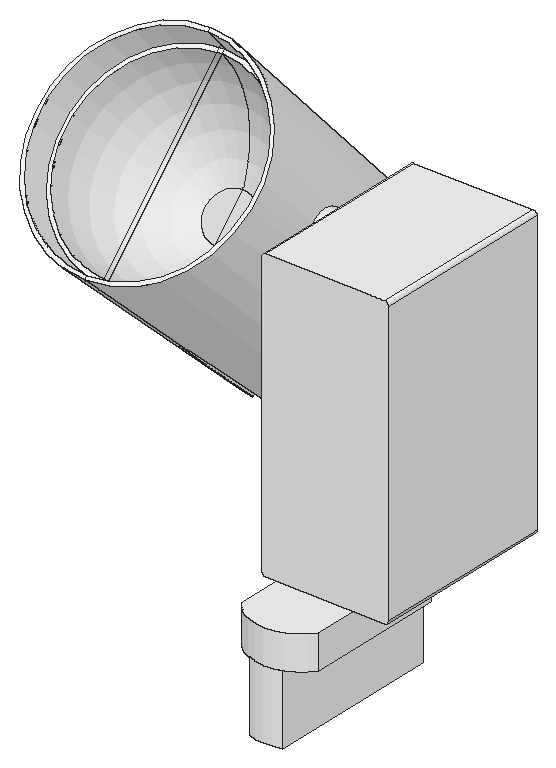
Revit family "0004875 Feilo Sylvania Lighting Fixture START TRACK SPOT S 24W 4K RA90 MB WHITE", category Lighting Fixtures, host Face, Revit 2017
Family settings
  Host = Face
  Round Connector Dimension = Use Diameter
  Part Type = Normal
  OmniClass Number = 23.80.70.00
  OmniClass Title = Lighting
  Cut with Voids When Loaded = No
  Light Source = No
  Shared = No
  Room Calculation Point = No
Parameters (values of type "0004875 START TRACK SPOT S 24W 4K RA90 MB WHITE")
  Weight = "0.966 kg"
  Wattage Comments = ""
  WarrantyStartDate [instance] = "n/a"
  WarrantyGuarantorParts = "n/a"
  WarrantyDurationUnit = "n/a"
  WarrantyDurationParts = "n/a"
  WarrantyDescription = "n/a"
  Voltage = 230 V
  URL = "http://www.sylvania-lighting.com"
  TypeName = "START TRACK SPOT S 24W 4K RA90 MB WHITE"
  TypeHead_FEILO = Start Track Spot Head : 0004875 START TRACK SPOT S 24W 4K RA90 MB WHITE
  TypeBox_FEILO = Start Track Spot Box : Type Small White
  Type Image = <None>
  Type Comments = "n/a"
  VerticalRotation_FEILO [instance] = 0.00°
  SlideEndAngle_FEILO [instance] = VerticalRotation_FEILO + 180.00°  # 180.00°
  SerialNumber [instance] = "n/a"
  Material_3_FEILO = none
  PowerFactor = 0.95
  PowerConsumption = "24 W"
  NominalLength = 0 mm
  NominalHeight = 200 mm
  NominalDepth = 140 mm
  Name = "START TRACK SPOT S 24W 4K RA90 MB WHITE"
  ModelReference = Name  # "START TRACK SPOT S 24W 4K RA90 MB WHITE"
  ModelNumber = "0004875"
  Model = Name  # "START TRACK SPOT S 24W 4K RA90 MB WHITE"
  Material = "adc12 aluminium housing, polycarbonate diffuser"
  ManufacturerName = "Feilo Sylvania"
  Manufacturer = "Feilo Sylvania"
  LuminousEfficacy = "89 lm/W"
  LuminaireType = ""
  LightOutputRatio = "100"
  LampsType = Lamp  # "LED"
  LampNominalLuminous = "2141 lm"
  LampMacAdamStep = "3"
  LampColourTemperature = "4000 K"
  LampColourRenderingIndex = "90"
  Lamp = "LED"
  Keynote = "16500"
  InstallationDate [instance] = "n/a"
  InputVoltage = "230-240V~"
  InputNominalFrequency = "50/60 Hz"
  IngressProtection = "IP20"
  ImpactProtectionIndex = "IK02"
  IfcExportType = "IfcLightFixtureType"
  IfcExportAs = "IfcLightFixtureType"
  HorizontalRotation_FEILO [instance] = 45.00°
  ExpectedLife = 50000
  ElectricShockClassification = "Class II"
  DurationUnit = "hours"
  DocumentationLiterature = "http://www.sylvania-lighting.com/product/en-int/products/0004875"
  DimmingControlOptions = "Non dimmable"
  Material_2_FEILO = none
  Description = "Integrated LED spotlight, Textured White - RAL9016, compact and minimalist design, ideal for retail applications, die-cast aluminium body, passive cooling heatsink. Beam angle: 36°, color temperature: 4000K , total system power: 24W, total fixture output: 2141 lm, LOR: 100%, colour rendering: Ra: 90 typical, LED Chromaticity: 3 step MacAdam ellipse, lifetime: >50000 hours at L70B50, energy class: A++, A+, A, IR/UV free light source without heat radiation, operating voltage: 220-240V / 50-60Hz, drive current: 600mA, electronic driver, non-dimmable, power factor: 0.95, electrical protection: Class II, Global Track 3 Phase adapter suitable for Global trac 3-circuit tracks, ingress protection rating: IP20, suitable for internal environment only, horizontal rotation: 355°, vertical tilt: 90°, dimensions: Ø86x140x200, weight: 0.966kg."
  Default Elevation = 1219.2 mm
  CreatedOn = "12/12/2017"
  CreatedBy = ""
  Cost = 0
  built-in parameter 1114216 [instance] = (empty or 0)
  ClassificationValue = "EF_70_80"
  ClassificationName = "Uniclass2015"
  Material_1_FEILO = Body-Sylvania-StartTrackSpot-White
  BarCode [instance] = "n/a"
  AssetType = "Fixed"
  AssetIdentifier [instance] = "n/a"
  Assembly Code = "D5020200"
  Apparent Load = 24 VA
  Material_4_FEILO = none
Reference planes
  plane 1 "Center (Front/Back)": y = 0
  plane 2: z = 0
  plane 3 "Center (Left/Right)": x = 0
  plane 4: x = 15
  plane 5: x = -15
  plane 6: y = 35
  plane 7: y = -35
  plane 8: z = 13
  plane 9: z = -27
  plane 10: x = 6.5
  plane 11: x = -6.5
  plane 12: y = 27
  plane 13: y = -27
  plane 14: y = 20
Forms (mm)
  Extrusion 1, solid, material "Body-Sylvania-StartTrackSpot-White" <- "Material_1_FEILO"
    sketch origin (0, 0, 0) x (1, 0, 0) y (0, 1, 0)
      loop
        line (-15, 27) -> (-15, -27)
        arc (-15, -27) -> (0, -35) -> (15, -27) r 18.062
        line (15, -27) -> (15, 27)
        arc (15, 27) -> (0, 35) -> (-15, 27) r 18.062
    from 0 to 13
  Extrusion 2, solid, material "Body-Sylvania-StartTrackSpot-White" <- "Material_1_FEILO"
    sketch origin (0, 0, 0) x (1, 0, 0) y (0, 1, 0)
      loop
        arc (6.5, 33.79) -> (0, 35) -> (-6.5, 33.79) r 18.062
        line (-6.5, 33.79) -> (-6.5, -33.79)
        arc (-6.5, -33.79) -> (0, -35) -> (6.5, -33.79) r 18.062
        line (6.5, -33.79) -> (6.5, 33.79)
    from 0 to -27
  Revolve 3, solid, not visible
    sketch origin (1524, 20, 1219.2) x (1, 0, 0) y (0, 0, 1)
      loop
        line (-1524, -1206.2) -> (-1524, -1191.285) -> (-1530.5, -1191.285) -> (-1530.5, -1206.2) -> (-1524, -1206.2)
      axis (-1524, -1191.285) -> (-1524, -1206.2)
    angle from 0 <- "VerticalRotation_FEILO" to 180 <- "SlideEndAngle_FEILO"
Cuts and joins
  joined: Extrusion 1, Extrusion 2
Dimensions and locks
  equal spacing: plane 10, plane 3 "Center (Left/Right)", plane 11
  equal spacing: plane 4, plane 3 "Center (Left/Right)", plane 5
  locked: plane 8 to plane 2 at 13
  locked: plane 8 to plane 9 at 40
  equal spacing: plane 13, plane 1 "Center (Front/Back)", plane 12
  locked: plane 12 to plane 6 at 8
  locked: plane 14 to plane 6 at 15
  locked: Revolve 3 sketch curve to plane 8 at 14.915
  aligned and locked: plane 2 to host face
  aligned and locked: level to host face
  aligned and locked: plane 5 to Extrusion 1 sketch curve  (x2)
  aligned and locked: plane 12 to Extrusion 1 sketch curve
  aligned and locked: plane 13 to Extrusion 1 sketch curve
  aligned and locked: plane 4 to Extrusion 1 sketch curve
  aligned and locked: Extrusion 1 to plane 8
  aligned and locked: Extrusion 1 to level
  aligned and locked: Extrusion 2 sketch curve to Extrusion 1  (x2)
  aligned and locked: Extrusion 2 sketch curve to plane 11
  aligned and locked: plane 10 to Extrusion 2 sketch curve
  aligned and locked: plane 9 to Extrusion 2
  aligned and locked: level to Extrusion 2
  aligned and locked: Revolve 3 sketch curve to plane 3 "Center (Left/Right)"  (x2)
  aligned and locked: plane 11 to Revolve 3 sketch curve
  aligned and locked: Revolve 3 sketch curve to plane 8
Automatic sketch dimensions
  host sketch curve to host sketch curve = 2438.4 mm  (x2)
  Extrusion 1 sketch curve to plane 3 "Center (Left/Right)" = 0 mm  (x2)
  Extrusion 1 sketch curve to plane 13 = 10.062 mm
  plane 12 to Extrusion 1 sketch curve = 10.062 mm
  Revolve 3 sketch curve to plane 3 "Center (Left/Right)" = 0 mm
  plane 9 to Revolve 3 sketch curve = 582.6 mm
  Revolve 3 sketch curve to Revolve 3 sketch curve = 2581.144 mm
Nested families
  nested 1: "Start Track Spot Head" at (-62, 20, 112.529) x (0, 0.7071, 0.7071) z (0, 0.7071, -0.7071), type <- "TypeHead_FEILO", type "0004875 START TRACK SPOT S 24W 4K RA90 MB WHITE"
    with built-in parameter 1114216 (empty or 0)
  nested 2: "Start Track Spot Box" at (8.5, 20, 73) x (-1, 0, 0) z (0, -1, 0), BoxStartAngle_FEILO <- "HorizontalRotation_FEILO", type <- "TypeBox_FEILO", type "Type Small White"
    with BoxStartAngle_FEILO 45.00°, BoxEndAngle_FEILO -135.00°
Connectors
  electrical at (0, 0, 0), driven by "Apparent Load", driven by "PowerFactor", driven by "Voltage"
    settings: index 1, voltage 230 V, apparent load 24 VA, apparent load phase1 0 VA, apparent load phase2 0 VA, apparent load phase3 0 VA, power factor 0.95, load classification "Lighting", number of poles 1, system type 30, power factor state 1, is connector primary yes, connector utility no, sub classification motor no, connector description ""
Definition of nested family "Start Track Spot Head"
  Parameters (values of type "0004811 START TRACK SPOT S 14W 3K RA80 NB WHITE")
    Wattage Comments = "n/a"
    Wattage = 14 W
    built-in parameter 1150110 = 1 (stored number, unit not read)
    URL = "http://www.feilosylvania.com"
    Type Image = (empty or 0)
    Type Comments = "n/a"
    built-in parameter 1114217 = 1 (stored number, unit not read)
    Tilt Angle = -90.00°
    built-in parameter 1150109 = 1 (stored number, unit not read)
    built-in parameter 1150134 = (empty or 0)
    built-in parameter 1150113 = 1 (stored number, unit not read)
    Photometric Web File = "0004811.ies"
    Material_3_FEILO = none
    Model = "START TRACK SPOT S 14W 3K RA80 NB WHITE"
    Manufacturer = "Feilo Sylvania"
    built-in parameter 1150105 = 123.66 (stored number, unit not read)
    Lumens = 1554 lm
    built-in parameter 1150115 = 1 (stored number, unit not read)
    built-in parameter 1150137 = (empty or 0)
    built-in parameter 1150139 = (empty or 0)
    built-in parameter 1150112 = 1 (stored number, unit not read)
    built-in parameter 1150114 = 1 (stored number, unit not read)
    Lamp = "LED"
    Keynote = "16500"
    Material_2_FEILO = none
    built-in parameter 1150132 = (empty or 0)
    built-in parameter 1150102 = (empty or 0)
    built-in parameter 1150107 = 3000 (stored number, unit not read)
    built-in parameter 1150138 = (empty or 0)
    built-in parameter 1150106 = 1.2366 (stored number, unit not read)
    HeadThickness_FEILO = if(HeadDiaOut_FEILO > 112 mm, 2 mm, 1.5 mm)  # 1.5 mm
    HeadRibOffset_FEILO = HeadHeight_FEILO / 28  # 4.179 mm
    HeadRibDepth_FEILO = HeadHeight_FEILO / 2.1  # 55.714 mm
    HeadRibCutWidth_FEILO = HeadDiaOut_FEILO / 12  # 7.167 mm
    HeadRibCutOffset_FEILO = HeadHeight_FEILO / 2.3  # 50.87 mm
    HeadReflectorRadius_FEILO = HeadDiaOut_FEILO / 1.7  # 50.588 mm
    HeadReflectorOffset_FEILO = HeadHeight_FEILO / 2.1  # 55.714 mm
    HeadLEDRadius_FEILO = HeadDiaOut_FEILO / 9  # 9.556 mm
    HeadHeight_FEILO = 117 mm
    HeadDraft_FEILO = 1 mm
    HeadDiffusorThickness_FEILO = 3 mm
    HeadDiffusorOffset_FEILO = HeadHeight_FEILO / 12.4  # 9.435 mm
    HeadDiaOut_FEILO = 86 mm
    HeadDiaIn_FEILO = HeadDiaOut_FEILO / 1.11  # 77.477 mm
    HeadAxisFromTop_FEILO = HeadHeight_FEILO / 1.687  # 69.354 mm
    Emit from Circle Diameter = HeadDiaIn_FEILO  # 77.477 mm
    Emit Shape Visible in Rendering = no
    built-in parameter 1150104 = 10.312 (stored number, unit not read)
    Dimming Lamp Color Temperature Shift = (empty or 0)
    Description = "Integrated LED spotlight, Textured White - RAL9016, compact and minimalist design, ideal for retail applications, die-cast aluminium body, passive cooling heatsink. Beam angle: 12°, color temperature: 3000K , total system power: 14W, total fixture output: 1551 lm, LOR: 100%, colour rendering: Ra: 80 typical, LED Chromaticity: 3 step MacAdam ellipse, lifetime: >50000 hours at L70B50, energy class: A++, A+, A, IR/UV free light source without heat radiation, operating voltage: 220-240V / 50-60Hz, drive current: 350mA, electronic driver, non-dimmable, power factor: 0.92, electrical protection: Class II, Global Track 3 Phase adapter suitable for Global trac 3-circuit tracks, ingress protection rating: IP20, suitable for internal environment only, horizontal rotation: 355°, vertical tilt: 90°, dimensions: Ø86x140x200, weight: 0.940kg."
    Default Elevation = 1219.2 mm
    Cost = 0
    Color Filter = 16777215
    built-in parameter 1114216 [instance] = (empty or 0)
    Material_1_FEILO = none
    built-in parameter 1114218 = 1 (stored number, unit not read)
    built-in parameter 1150133 = 10 (stored number, unit not read)
    Assembly Code = "D5020200"
    Apparent Load = 14 VA
    Material_4_FEILO = none
  Types (96, lengths in mm): name | Wattage | built-in parameter 1150134 | Photometric Web File | Model | built-in parameter 1150105 | Lumens | built-in parameter 1150107 | built-in parameter 1150106 | HeadThickness_FEILO | HeadRibOffset_FEILO | HeadRibDepth_FEILO | HeadRibCutWidth_FEILO | HeadRibCutOffset_FEILO | HeadReflectorRadius_FEILO | HeadReflectorOffset_FEILO | HeadLEDRadius_FEILO | HeadHeight_FEILO | HeadDiffusorOffset_FEILO | HeadDiaOut_FEILO | HeadDiaIn_FEILO | HeadAxisFromTop_FEILO | Emit from Circle Diameter | built-in parameter 1150104 | Description | Apparent Load
    0004906 START TRACK SPOT L 55W 4K RA90 WB BLACK | 55 W | 12 | "0004906.ies" | "START TRACK SPOT L 55W 4K RA90 WB BLACK" | 385.15 (stored number, unit not read) | 4840 lm | 4000 (stored number, unit not read) | 3.8515 (stored number, unit not read) | 2 | 4.429 | 59.048 | 9.417 | 53.913 | 66.471 | 59.048 | 12.556 | 124 | 10 | 113 | 101.802 | 73.503 | 101.802 | 8.1755 (stored number, unit not read) | "Integrated LED spotlight, Textured Black - RAL9005, compact and minimalist design, ideal for retail applications, die-cast aluminium body, passive cooling heatsink. Beam angle: 52°, color temperature: 4000K , total system power: 55W, total fixture output: 4824 lm, LOR: 100%, colour rendering: Ra: 90 typical, LED Chromaticity: 3 step MacAdam ellipse, lifetime: >50000 hours at L70B50, energy class: A++, A+, A, IR/UV free light source without heat radiation, operating voltage: 220-240V / 50-60Hz, drive current: 1400mA, electronic driver, non-dimmable, power factor: 0.96, electrical protection: Class II, Global Track 3 Phase adapter suitable for Global trac 3-circuit tracks, ingress protection rating: IP20, suitable for internal environment only, horizontal rotation: 355°, vertical tilt: 90°, dimensions: Ø113x164x240, weight: 1.398kg." | 55 VA
    0004905 START TRACK SPOT L 55W 4K RA90 MB BLACK | 55 W | 12 | "0004905.ies" | "START TRACK SPOT L 55W 4K RA90 MB BLACK" | 389.53 (stored number, unit not read) | 4895 lm | 4000 (stored number, unit not read) | 3.8953 (stored number, unit not read) | 2 | 4.429 | 59.048 | 9.417 | 53.913 | 66.471 | 59.048 | 12.556 | 124 | 10 | 113 | 101.802 | 73.503 | 101.802 | 8.2684 (stored number, unit not read) | "Integrated LED spotlight, Textured Black - RAL9005, compact and minimalist design, ideal for retail applications, die-cast aluminium body, passive cooling heatsink. Beam angle: 38°, color temperature: 4000K , total system power: 55W, total fixture output: 4897 lm, LOR: 100%, colour rendering: Ra: 90 typical, LED Chromaticity: 3 step MacAdam ellipse, lifetime: >50000 hours at L70B50, energy class: A++, A+, A, IR/UV free light source without heat radiation, operating voltage: 220-240V / 50-60Hz, drive current: 1400mA, electronic driver, non-dimmable, power factor: 0.96, electrical protection: Class II, Global Track 3 Phase adapter suitable for Global trac 3-circuit tracks, ingress protection rating: IP20, suitable for internal environment only, horizontal rotation: 355°, vertical tilt: 90°, dimensions: Ø113x164x240, weight: 1.398kg." | 55 VA
    0004904 START TRACK SPOT L 55W 4K RA90 NB BLACK | 55 W | 12 | "0004904.ies" | "START TRACK SPOT L 55W 4K RA90 NB BLACK" | 393.91 (stored number, unit not read) | 4950 lm | 4000 (stored number, unit not read) | 3.9391 (stored number, unit not read) | 2 | 4.429 | 59.048 | 9.417 | 53.913 | 66.471 | 59.048 | 12.556 | 124 | 10 | 113 | 101.802 | 73.503 | 101.802 | 8.3613 (stored number, unit not read) | "Integrated LED spotlight, Textured Black - RAL9005, compact and minimalist design, ideal for retail applications, die-cast aluminium body, passive cooling heatsink. Beam angle: 15°, color temperature: 4000K , total system power: 55W, total fixture output: 4965 lm, LOR: 100%, colour rendering: Ra: 90 typical, LED Chromaticity: 3 step MacAdam ellipse, lifetime: >50000 hours at L70B50, energy class: A++, A+, A, IR/UV free light source without heat radiation, operating voltage: 220-240V / 50-60Hz, drive current: 1400mA, electronic driver, non-dimmable, power factor: 0.96, electrical protection: Class II, Global Track 3 Phase adapter suitable for Global trac 3-circuit tracks, ingress protection rating: IP20, suitable for internal environment only, horizontal rotation: 355°, vertical tilt: 90°, dimensions: Ø113x164x240, weight: 1.398kg." | 55 VA
    0004903 START TRACK SPOT L 35W 4K RA90 WB BLACK | 35 W | 12 | "0004903.ies" | "START TRACK SPOT L 35W 4K RA90 WB BLACK" | 284.09 (stored number, unit not read) | 3570 lm | 4000 (stored number, unit not read) | 2.8409 (stored number, unit not read) | 2 | 4.429 | 59.048 | 9.417 | 53.913 | 66.471 | 59.048 | 12.556 | 124 | 10 | 113 | 101.802 | 73.503 | 101.802 | 9.4761 (stored number, unit not read) | "Integrated LED spotlight, Textured Black - RAL9005, compact and minimalist design, ideal for retail applications, die-cast aluminium body, passive cooling heatsink. Beam angle: 52°, color temperature: 4000K , total system power: 35W, total fixture output: 3562 lm, LOR: 100%, colour rendering: Ra: 90 typical, LED Chromaticity: 3 step MacAdam ellipse, lifetime: >50000 hours at L70B50, energy class: A++, A+, A, IR/UV free light source without heat radiation, operating voltage: 220-240V / 50-60Hz, drive current: 900mA, electronic driver, non-dimmable, power factor: 0.93, electrical protection: Class II, Global Track 3 Phase adapter suitable for Global trac 3-circuit tracks, ingress protection rating: IP20, suitable for internal environment only, horizontal rotation: 355°, vertical tilt: 90°, dimensions: Ø113x164x240, weight: 1.368kg." | 35 VA
    0004902 START TRACK SPOT L 35W 4K RA90 MB BLACK | 35 W | 12 | "0004902.ies" | "START TRACK SPOT L 35W 4K RA90 MB BLACK" | 286.88 (stored number, unit not read) | 3605 lm | 4000 (stored number, unit not read) | 2.8688 (stored number, unit not read) | 2 | 4.429 | 59.048 | 9.417 | 53.913 | 66.471 | 59.048 | 12.556 | 124 | 10 | 113 | 101.802 | 73.503 | 101.802 | 9.569 (stored number, unit not read) | "Integrated LED spotlight, Textured Black - RAL9005, compact and minimalist design, ideal for retail applications, die-cast aluminium body, passive cooling heatsink. Beam angle: 38°, color temperature: 4000K , total system power: 35W, total fixture output: 3616 lm, LOR: 100%, colour rendering: Ra: 90 typical, LED Chromaticity: 3 step MacAdam ellipse, lifetime: >50000 hours at L70B50, energy class: A++, A+, A, IR/UV free light source without heat radiation, operating voltage: 220-240V / 50-60Hz, drive current: 900mA, electronic driver, non-dimmable, power factor: 0.93, electrical protection: Class II, Global Track 3 Phase adapter suitable for Global trac 3-circuit tracks, ingress protection rating: IP20, suitable for internal environment only, horizontal rotation: 355°, vertical tilt: 90°, dimensions: Ø113x164x240, weight: 1.368kg." | 35 VA
    0004901 START TRACK SPOT L 35W 4K RA90 NB BLACK | 35 W | 12 | "0004901.ies" | "START TRACK SPOT L 35W 4K RA90 NB BLACK" | 286.88 (stored number, unit not read) | 3605 lm | 4000 (stored number, unit not read) | 2.8688 (stored number, unit not read) | 2 | 4.429 | 59.048 | 9.417 | 53.913 | 66.471 | 59.048 | 12.556 | 124 | 10 | 113 | 101.802 | 73.503 | 101.802 | 9.569 (stored number, unit not read) | "Integrated LED spotlight, Textured Black - RAL9005, compact and minimalist design, ideal for retail applications, die-cast aluminium body, passive cooling heatsink. Beam angle: 15°, color temperature: 4000K , total system power: 35W, total fixture output: 3593 lm, LOR: 100%, colour rendering: Ra: 90 typical, LED Chromaticity: 3 step MacAdam ellipse, lifetime: >50000 hours at L70B50, energy class: A++, A+, A, IR/UV free light source without heat radiation, operating voltage: 220-240V / 50-60Hz, drive current: 900mA, electronic driver, non-dimmable, power factor: 0.93, electrical protection: Class II, Global Track 3 Phase adapter suitable for Global trac 3-circuit tracks, ingress protection rating: IP20, suitable for internal environment only, horizontal rotation: 355°, vertical tilt: 90°, dimensions: Ø113x164x240, weight: 1.368kg." | 35 VA
    0004900 START TRACK SPOT S 24W 4K RA90 WB BLACK | 24 W | 12 | "0004900.ies" | "START TRACK SPOT S 24W 4K RA90 WB BLACK" | 166.16 (stored number, unit not read) | 2088 lm | 4000 (stored number, unit not read) | 1.6616 (stored number, unit not read) | 1.5 | 4.179 | 55.714 | 7.167 | 50.87 | 50.588 | 55.714 | 9.556 | 117 | 9.435 | 86 | 77.477 | 69.354 | 77.477 | 8.0826 (stored number, unit not read) | "Integrated LED spotlight, Textured Black - RAL9005, compact and minimalist design, ideal for retail applications, die-cast aluminium body, passive cooling heatsink. Beam angle: 64°, color temperature: 4000K , total system power: 24W, total fixture output: 2087 lm, LOR: 100%, colour rendering: Ra: 90 typical, LED Chromaticity: 3 step MacAdam ellipse, lifetime: >50000 hours at L70B50, energy class: A++, A+, A, IR/UV free light source without heat radiation, operating voltage: 220-240V / 50-60Hz, drive current: 600mA, electronic driver, non-dimmable, power factor: 0.95, electrical protection: Class II, Global Track 3 Phase adapter suitable for Global trac 3-circuit tracks, ingress protection rating: IP20, suitable for internal environment only, horizontal rotation: 355°, vertical tilt: 90°, dimensions: Ø86x140x200, weight: 0.966kg." | 24 VA
    0004899 START TRACK SPOT S 24W 4K RA90 MB BLACK | 24 W | 12 | "0004899.ies" | "START TRACK SPOT S 24W 4K RA90 MB BLACK" | 169.98 (stored number, unit not read) | 2136 lm | 4000 (stored number, unit not read) | 1.6998 (stored number, unit not read) | 1.5 | 4.179 | 55.714 | 7.167 | 50.87 | 50.588 | 55.714 | 9.556 | 117 | 9.435 | 86 | 77.477 | 69.354 | 77.477 | 8.2684 (stored number, unit not read) | "Integrated LED spotlight, Textured Black - RAL9005, compact and minimalist design, ideal for retail applications, die-cast aluminium body, passive cooling heatsink. Beam angle: 36°, color temperature: 4000K , total system power: 24W, total fixture output: 2141 lm, LOR: 100%, colour rendering: Ra: 90 typical, LED Chromaticity: 3 step MacAdam ellipse, lifetime: >50000 hours at L70B50, energy class: A++, A+, A, IR/UV free light source without heat radiation, operating voltage: 220-240V / 50-60Hz, drive current: 600mA, electronic driver, non-dimmable, power factor: 0.95, electrical protection: Class II, Global Track 3 Phase adapter suitable for Global trac 3-circuit tracks, ingress protection rating: IP20, suitable for internal environment only, horizontal rotation: 355°, vertical tilt: 90°, dimensions: Ø86x140x200, weight: 0.966kg." | 24 VA
    0004898 START TRACK SPOT S 24W 4K RA90 NB BLACK | 24 W | 12 | "0004898.ies" | "START TRACK SPOT S 24W 4K RA90 NB BLACK" | 171.89 (stored number, unit not read) | 2160 lm | 4000 (stored number, unit not read) | 1.7189 (stored number, unit not read) | 1.5 | 4.179 | 55.714 | 7.167 | 50.87 | 50.588 | 55.714 | 9.556 | 117 | 9.435 | 86 | 77.477 | 69.354 | 77.477 | 8.3613 (stored number, unit not read) | "Integrated LED spotlight, Textured Black - RAL9005, compact and minimalist design, ideal for retail applications, die-cast aluminium body, passive cooling heatsink. Beam angle: 12°, color temperature: 4000K , total system power: 24W, total fixture output: 2155 lm, LOR: 100%, colour rendering: Ra: 90 typical, LED Chromaticity: 3 step MacAdam ellipse, lifetime: >50000 hours at L70B50, energy class: A++, A+, A, IR/UV free light source without heat radiation, operating voltage: 220-240V / 50-60Hz, drive current: 600mA, electronic driver, non-dimmable, power factor: 0.95, electrical protection: Class II, Global Track 3 Phase adapter suitable for Global trac 3-circuit tracks, ingress protection rating: IP20, suitable for internal environment only, horizontal rotation: 355°, vertical tilt: 90°, dimensions: Ø86x140x200, weight: 0.966kg." | 24 VA
    0004897 START TRACK SPOT S 14W 4K RA90 WB BLACK | 14 W | 12 | "0004897.ies" | "START TRACK SPOT S 14W 4K RA90 WB BLACK" | 108.07 (stored number, unit not read) | 1358 lm | 4000 (stored number, unit not read) | 1.0807 (stored number, unit not read) | 1.5 | 4.179 | 55.714 | 7.167 | 50.87 | 50.588 | 55.714 | 9.556 | 117 | 9.435 | 86 | 77.477 | 69.354 | 77.477 | 9.0116 (stored number, unit not read) | "Integrated LED spotlight, Textured Black - RAL9005, compact and minimalist design, ideal for retail applications, die-cast aluminium body, passive cooling heatsink. Beam angle: 64°, color temperature: 4000K , total system power: 14W, total fixture output: 1352 lm, LOR: 100%, colour rendering: Ra: 90 typical, LED Chromaticity: 3 step MacAdam ellipse, lifetime: >50000 hours at L70B50, energy class: A++, A+, A, IR/UV free light source without heat radiation, operating voltage: 220-240V / 50-60Hz, drive current: 350mA, electronic driver, non-dimmable, power factor: 0.92, electrical protection: Class II, Global Track 3 Phase adapter suitable for Global trac 3-circuit tracks, ingress protection rating: IP20, suitable for internal environment only, horizontal rotation: 355°, vertical tilt: 90°, dimensions: Ø86x140x200, weight: 0.940kg." | 14 VA
    0004896 START TRACK SPOT S 14W 4K RA90 MB BLACK | 14 W | 12 | "0004896.ies" | "START TRACK SPOT S 14W 4K RA90 MB BLACK" | 108.07 (stored number, unit not read) | 1358 lm | 4000 (stored number, unit not read) | 1.0807 (stored number, unit not read) | 1.5 | 4.179 | 55.714 | 7.167 | 50.87 | 50.588 | 55.714 | 9.556 | 117 | 9.435 | 86 | 77.477 | 69.354 | 77.477 | 9.0116 (stored number, unit not read) | "Integrated LED spotlight, Textured Black - RAL9005, compact and minimalist design, ideal for retail applications, die-cast aluminium body, passive cooling heatsink. Beam angle: 36°, color temperature: 4000K , total system power: 14W, total fixture output: 1359 lm, LOR: 100%, colour rendering: Ra: 90 typical, LED Chromaticity: 3 step MacAdam ellipse, lifetime: >50000 hours at L70B50, energy class: A++, A+, A, IR/UV free light source without heat radiation, operating voltage: 220-240V / 50-60Hz, drive current: 350mA, electronic driver, non-dimmable, power factor: 0.92, electrical protection: Class II, Global Track 3 Phase adapter suitable for Global trac 3-circuit tracks, ingress protection rating: IP20, suitable for internal environment only, horizontal rotation: 355°, vertical tilt: 90°, dimensions: Ø86x140x200, weight: 0.940kg." | 14 VA
    0004895 START TRACK SPOT S 14W 4K RA90 NB BLACK | 14 W | 12 | "0004895.ies" | "START TRACK SPOT S 14W 4K RA90 NB BLACK" | 106.95 (stored number, unit not read) | 1344 lm | 4000 (stored number, unit not read) | 1.0695 (stored number, unit not read) | 1.5 | 4.179 | 55.714 | 7.167 | 50.87 | 50.588 | 55.714 | 9.556 | 117 | 9.435 | 86 | 77.477 | 69.354 | 77.477 | 8.9187 (stored number, unit not read) | "Integrated LED spotlight, Textured Black - RAL9005, compact and minimalist design, ideal for retail applications, die-cast aluminium body, passive cooling heatsink. Beam angle: 12°, color temperature: 4000K , total system power: 14W, total fixture output: 1349 lm, LOR: 100%, colour rendering: Ra: 90 typical, LED Chromaticity: 3 step MacAdam ellipse, lifetime: >50000 hours at L70B50, energy class: A++, A+, A, IR/UV free light source without heat radiation, operating voltage: 220-240V / 50-60Hz, drive current: 350mA, electronic driver, non-dimmable, power factor: 0.92, electrical protection: Class II, Global Track 3 Phase adapter suitable for Global trac 3-circuit tracks, ingress protection rating: IP20, suitable for internal environment only, horizontal rotation: 355°, vertical tilt: 90°, dimensions: Ø86x140x200, weight: 0.940kg." | 14 VA
    0004894 START TRACK SPOT L 55W 3K RA90 WB BLACK | 55 W | (empty or 0) | "0004894.ies" | "START TRACK SPOT L 55W 3K RA90 WB BLACK" | 350.14 (stored number, unit not read) | 4400 lm | 3000 (stored number, unit not read) | 3.5014 (stored number, unit not read) | 2 | 4.429 | 59.048 | 9.417 | 53.913 | 66.471 | 59.048 | 12.556 | 124 | 10 | 113 | 101.802 | 73.503 | 101.802 | 7.4322 (stored number, unit not read) | "Integrated LED spotlight, Textured Black - RAL9005, compact and minimalist design, ideal for retail applications, die-cast aluminium body, passive cooling heatsink. Beam angle: 52°, color temperature: 3000K , total system power: 55W, total fixture output: 4405 lm, LOR: 100%, colour rendering: Ra: 90 typical, LED Chromaticity: 3 step MacAdam ellipse, lifetime: >50000 hours at L70B50, energy class: A++, A+, A, IR/UV free light source without heat radiation, operating voltage: 220-240V / 50-60Hz, drive current: 1400mA, electronic driver, non-dimmable, power factor: 0.96, electrical protection: Class II, Global Track 3 Phase adapter suitable for Global trac 3-circuit tracks, ingress protection rating: IP20, suitable for internal environment only, horizontal rotation: 355°, vertical tilt: 90°, dimensions: Ø113x164x240, weight: 1.398kg." | 55 VA
    0004893 START TRACK SPOT L 55W 3K RA90 MB BLACK | 55 W | (empty or 0) | "0004893.ies" | "START TRACK SPOT L 55W 3K RA90 MB BLACK" | 354.52 (stored number, unit not read) | 4455 lm | 3000 (stored number, unit not read) | 3.5452 (stored number, unit not read) | 2 | 4.429 | 59.048 | 9.417 | 53.913 | 66.471 | 59.048 | 12.556 | 124 | 10 | 113 | 101.802 | 73.503 | 101.802 | 7.5251 (stored number, unit not read) | "Integrated LED spotlight, Textured Black - RAL9005, compact and minimalist design, ideal for retail applications, die-cast aluminium body, passive cooling heatsink. Beam angle: 38°, color temperature: 3000K , total system power: 55W, total fixture output: 4448 lm, LOR: 100%, colour rendering: Ra: 90 typical, LED Chromaticity: 3 step MacAdam ellipse, lifetime: >50000 hours at L70B50, energy class: A++, A+, A, IR/UV free light source without heat radiation, operating voltage: 220-240V / 50-60Hz, drive current: 1400mA, electronic driver, non-dimmable, power factor: 0.96, electrical protection: Class II, Global Track 3 Phase adapter suitable for Global trac 3-circuit tracks, ingress protection rating: IP20, suitable for internal environment only, horizontal rotation: 355°, vertical tilt: 90°, dimensions: Ø113x164x240, weight: 1.398kg." | 55 VA
    0004892 START TRACK SPOT L 55W 3K RA90 NB BLACK | 55 W | (empty or 0) | "0004892.ies" | "START TRACK SPOT L 55W 3K RA90 NB BLACK" | 350.14 (stored number, unit not read) | 4400 lm | 3000 (stored number, unit not read) | 3.5014 (stored number, unit not read) | 2 | 4.429 | 59.048 | 9.417 | 53.913 | 66.471 | 59.048 | 12.556 | 124 | 10 | 113 | 101.802 | 73.503 | 101.802 | 7.4322 (stored number, unit not read) | "Integrated LED spotlight, Textured Black - RAL9005, compact and minimalist design, ideal for retail applications, die-cast aluminium body, passive cooling heatsink. Beam angle: 15°, color temperature: 3000K , total system power: 55W, total fixture output: 4416 lm, LOR: 100%, colour rendering: Ra: 90 typical, LED Chromaticity: 3 step MacAdam ellipse, lifetime: >50000 hours at L70B50, energy class: A++, A+, A, IR/UV free light source without heat radiation, operating voltage: 220-240V / 50-60Hz, drive current: 1400mA, electronic driver, non-dimmable, power factor: 0.96, electrical protection: Class II, Global Track 3 Phase adapter suitable for Global trac 3-circuit tracks, ingress protection rating: IP20, suitable for internal environment only, horizontal rotation: 355°, vertical tilt: 90°, dimensions: Ø113x164x240, weight: 1.398kg." | 55 VA
    0004891 START TRACK SPOT L 35W 3K RA90 WB BLACK | 35 W | (empty or 0) | "0004891.ies" | "START TRACK SPOT L 35W 3K RA90 WB BLACK" | 259.02 (stored number, unit not read) | 3255 lm | 3000 (stored number, unit not read) | 2.5902 (stored number, unit not read) | 2 | 4.429 | 59.048 | 9.417 | 53.913 | 66.471 | 59.048 | 12.556 | 124 | 10 | 113 | 101.802 | 73.503 | 101.802 | 8.64 (stored number, unit not read) | "Integrated LED spotlight, Textured Black - RAL9005, compact and minimalist design, ideal for retail applications, die-cast aluminium body, passive cooling heatsink. Beam angle: 52°, color temperature: 3000K , total system power: 35W, total fixture output: 3260 lm, LOR: 100%, colour rendering: Ra: 90 typical, LED Chromaticity: 3 step MacAdam ellipse, lifetime: >50000 hours at L70B50, energy class: A++, A+, A, IR/UV free light source without heat radiation, operating voltage: 220-240V / 50-60Hz, drive current: 900mA, electronic driver, non-dimmable, power factor: 0.93, electrical protection: Class II, Global Track 3 Phase adapter suitable for Global trac 3-circuit tracks, ingress protection rating: IP20, suitable for internal environment only, horizontal rotation: 355°, vertical tilt: 90°, dimensions: Ø113x164x240, weight: 1.368kg." | 35 VA
    0004890 START TRACK SPOT L 35W 3K RA90 MB BLACK | 35 W | (empty or 0) | "0004890.ies" | "START TRACK SPOT L 35W 3K RA90 MB BLACK" | 261.81 (stored number, unit not read) | 3290 lm | 3000 (stored number, unit not read) | 2.6181 (stored number, unit not read) | 2 | 4.429 | 59.048 | 9.417 | 53.913 | 66.471 | 59.048 | 12.556 | 124 | 10 | 113 | 101.802 | 73.503 | 101.802 | 8.7329 (stored number, unit not read) | "Integrated LED spotlight, Textured Black - RAL9005, compact and minimalist design, ideal for retail applications, die-cast aluminium body, passive cooling heatsink. Beam angle: 38°, color temperature: 3000K , total system power: 35W, total fixture output: 3306 lm, LOR: 100%, colour rendering: Ra: 90 typical, LED Chromaticity: 3 step MacAdam ellipse, lifetime: >50000 hours at L70B50, energy class: A++, A+, A, IR/UV free light source without heat radiation, operating voltage: 220-240V / 50-60Hz, drive current: 900mA, electronic driver, non-dimmable, power factor: 0.93, electrical protection: Class II, Global Track 3 Phase adapter suitable for Global trac 3-circuit tracks, ingress protection rating: IP20, suitable for internal environment only, horizontal rotation: 355°, vertical tilt: 90°, dimensions: Ø113x164x240, weight: 1.368kg." | 35 VA
    0004889 START TRACK SPOT L 35W 3K RA90 NB BLACK | 35 W | (empty or 0) | "0004889.ies" | "START TRACK SPOT L 35W 3K RA90 NB BLACK" | 261.81 (stored number, unit not read) | 3290 lm | 3000 (stored number, unit not read) | 2.6181 (stored number, unit not read) | 2 | 4.429 | 59.048 | 9.417 | 53.913 | 66.471 | 59.048 | 12.556 | 124 | 10 | 113 | 101.802 | 73.503 | 101.802 | 8.7329 (stored number, unit not read) | "Integrated LED spotlight, Textured Black - RAL9005, compact and minimalist design, ideal for retail applications, die-cast aluminium body, passive cooling heatsink. Beam angle: 15°, color temperature: 3000K , total system power: 35W, total fixture output: 3287 lm, LOR: 100%, colour rendering: Ra: 90 typical, LED Chromaticity: 3 step MacAdam ellipse, lifetime: >50000 hours at L70B50, energy class: A++, A+, A, IR/UV free light source without heat radiation, operating voltage: 220-240V / 50-60Hz, drive current: 900mA, electronic driver, non-dimmable, power factor: 0.93, electrical protection: Class II, Global Track 3 Phase adapter suitable for Global trac 3-circuit tracks, ingress protection rating: IP20, suitable for internal environment only, horizontal rotation: 355°, vertical tilt: 90°, dimensions: Ø113x164x240, weight: 1.368kg." | 35 VA
    0004888 START TRACK SPOT S 24W 3K RA90 WB BLACK | 24 W | (empty or 0) | "0004888.ies" | "START TRACK SPOT S 24W 3K RA90 WB BLACK" | 152.79 (stored number, unit not read) | 1920 lm | 3000 (stored number, unit not read) | 1.5279 (stored number, unit not read) | 1.5 | 4.179 | 55.714 | 7.167 | 50.87 | 50.588 | 55.714 | 9.556 | 117 | 9.435 | 86 | 77.477 | 69.354 | 77.477 | 7.4322 (stored number, unit not read) | "Integrated LED spotlight, Textured Black - RAL9005, compact and minimalist design, ideal for retail applications, die-cast aluminium body, passive cooling heatsink. Beam angle: 64°, color temperature: 3000K , total system power: 24W, total fixture output: 1928 lm, LOR: 100%, colour rendering: Ra: 90 typical, LED Chromaticity: 3 step MacAdam ellipse, lifetime: >50000 hours at L70B50, energy class: A++, A+, A, IR/UV free light source without heat radiation, operating voltage: 220-240V / 50-60Hz, drive current: 600mA, electronic driver, non-dimmable, power factor: 0.95, electrical protection: Class II, Global Track 3 Phase adapter suitable for Global trac 3-circuit tracks, ingress protection rating: IP20, suitable for internal environment only, horizontal rotation: 355°, vertical tilt: 90°, dimensions: Ø86x140x200, weight: 0.966kg." | 24 VA
    0004887 START TRACK SPOT S 24W 3K RA90 MB BLACK | 24 W | (empty or 0) | "0004887.ies" | "START TRACK SPOT S 24W 3K RA90 MB BLACK" | 154.7 (stored number, unit not read) | 1944 lm | 3000 (stored number, unit not read) | 1.547 (stored number, unit not read) | 1.5 | 4.179 | 55.714 | 7.167 | 50.87 | 50.588 | 55.714 | 9.556 | 117 | 9.435 | 86 | 77.477 | 69.354 | 77.477 | 7.5251 (stored number, unit not read) | "Integrated LED spotlight, Textured Black - RAL9005, compact and minimalist design, ideal for retail applications, die-cast aluminium body, passive cooling heatsink. Beam angle: 36°, color temperature: 3000K , total system power: 24W, total fixture output: 1944 lm, LOR: 100%, colour rendering: Ra: 90 typical, LED Chromaticity: 3 step MacAdam ellipse, lifetime: >50000 hours at L70B50, energy class: A++, A+, A, IR/UV free light source without heat radiation, operating voltage: 220-240V / 50-60Hz, drive current: 600mA, electronic driver, non-dimmable, power factor: 0.95, electrical protection: Class II, Global Track 3 Phase adapter suitable for Global trac 3-circuit tracks, ingress protection rating: IP20, suitable for internal environment only, horizontal rotation: 355°, vertical tilt: 90°, dimensions: Ø86x140x200, weight: 0.966kg." | 24 VA
    0004886 START TRACK SPOT S 24W 3K RA90 NB BLACK | 24 W | (empty or 0) | "0004886.ies" | "START TRACK SPOT S 24W 3K RA90 NB BLACK" | 158.52 (stored number, unit not read) | 1992 lm | 3000 (stored number, unit not read) | 1.5852 (stored number, unit not read) | 1.5 | 4.179 | 55.714 | 7.167 | 50.87 | 50.588 | 55.714 | 9.556 | 117 | 9.435 | 86 | 77.477 | 69.354 | 77.477 | 7.711 (stored number, unit not read) | "Integrated LED spotlight, Textured Black - RAL9005, compact and minimalist design, ideal for retail applications, die-cast aluminium body, passive cooling heatsink. Beam angle: 12°, color temperature: 3000K , total system power: 24W, total fixture output: 1987 lm, LOR: 100%, colour rendering: Ra: 90 typical, LED Chromaticity: 3 step MacAdam ellipse, lifetime: >50000 hours at L70B50, energy class: A++, A+, A, IR/UV free light source without heat radiation, operating voltage: 220-240V / 50-60Hz, drive current: 600mA, electronic driver, non-dimmable, power factor: 0.95, electrical protection: Class II, Global Track 3 Phase adapter suitable for Global trac 3-circuit tracks, ingress protection rating: IP20, suitable for internal environment only, horizontal rotation: 355°, vertical tilt: 90°, dimensions: Ø86x140x200, weight: 0.966kg." | 24 VA
    0004885 START TRACK SPOT S 14W 3K RA90 WB BLACK | 14 W | (empty or 0) | "0004885.ies" | "START TRACK SPOT S 14W 3K RA90 WB BLACK" | 100.27 (stored number, unit not read) | 1260 lm | 3000 (stored number, unit not read) | 1.0027 (stored number, unit not read) | 1.5 | 4.179 | 55.714 | 7.167 | 50.87 | 50.588 | 55.714 | 9.556 | 117 | 9.435 | 86 | 77.477 | 69.354 | 77.477 | 8.3613 (stored number, unit not read) | "Integrated LED spotlight, Textured Black - RAL9005, compact and minimalist design, ideal for retail applications, die-cast aluminium body, passive cooling heatsink. Beam angle: 64°, color temperature: 3000K , total system power: 14W, total fixture output: 1262 lm, LOR: 100%, colour rendering: Ra: 90 typical, LED Chromaticity: 3 step MacAdam ellipse, lifetime: >50000 hours at L70B50, energy class: A++, A+, A, IR/UV free light source without heat radiation, operating voltage: 220-240V / 50-60Hz, drive current: 350mA, electronic driver, non-dimmable, power factor: 0.92, electrical protection: Class II, Global Track 3 Phase adapter suitable for Global trac 3-circuit tracks, ingress protection rating: IP20, suitable for internal environment only, horizontal rotation: 355°, vertical tilt: 90°, dimensions: Ø86x140x200, weight: 0.940kg." | 14 VA
    0004884 START TRACK SPOT S 14W 3K RA90 MB BLACK | 14 W | (empty or 0) | "0004884.ies" | "START TRACK SPOT S 14W 3K RA90 MB BLACK" | 100.27 (stored number, unit not read) | 1260 lm | 3000 (stored number, unit not read) | 1.0027 (stored number, unit not read) | 1.5 | 4.179 | 55.714 | 7.167 | 50.87 | 50.588 | 55.714 | 9.556 | 117 | 9.435 | 86 | 77.477 | 69.354 | 77.477 | 8.3613 (stored number, unit not read) | "Integrated LED spotlight, Textured Black - RAL9005, compact and minimalist design, ideal for retail applications, die-cast aluminium body, passive cooling heatsink. Beam angle: 36°, color temperature: 3000K , total system power: 14W, total fixture output: 1262 lm, LOR: 100%, colour rendering: Ra: 90 typical, LED Chromaticity: 3 step MacAdam ellipse, lifetime: >50000 hours at L70B50, energy class: A++, A+, A, IR/UV free light source without heat radiation, operating voltage: 220-240V / 50-60Hz, drive current: 350mA, electronic driver, non-dimmable, power factor: 0.92, electrical protection: Class II, Global Track 3 Phase adapter suitable for Global trac 3-circuit tracks, ingress protection rating: IP20, suitable for internal environment only, horizontal rotation: 355°, vertical tilt: 90°, dimensions: Ø86x140x200, weight: 0.940kg." | 14 VA
    0004883 START TRACK SPOT S 14W 3K RA90 NB BLACK | 14 W | (empty or 0) | "0004883.ies" | "START TRACK SPOT S 14W 3K RA90 NB BLACK" | 102.5 (stored number, unit not read) | 1288 lm | 3000 (stored number, unit not read) | 1.025 (stored number, unit not read) | 1.5 | 4.179 | 55.714 | 7.167 | 50.87 | 50.588 | 55.714 | 9.556 | 117 | 9.435 | 86 | 77.477 | 69.354 | 77.477 | 8.5471 (stored number, unit not read) | "Integrated LED spotlight, Textured Black - RAL9005, compact and minimalist design, ideal for retail applications, die-cast aluminium body, passive cooling heatsink. Beam angle: 12°, color temperature: 3000K , total system power: 14W, total fixture output: 1284 lm, LOR: 100%, colour rendering: Ra: 90 typical, LED Chromaticity: 3 step MacAdam ellipse, lifetime: >50000 hours at L70B50, energy class: A++, A+, A, IR/UV free light source without heat radiation, operating voltage: 220-240V / 50-60Hz, drive current: 350mA, electronic driver, non-dimmable, power factor: 0.92, electrical protection: Class II, Global Track 3 Phase adapter suitable for Global trac 3-circuit tracks, ingress protection rating: IP20, suitable for internal environment only, horizontal rotation: 355°, vertical tilt: 90°, dimensions: Ø86x140x200, weight: 0.940kg." | 14 VA
    0004882 START TRACK SPOT L 55W 4K RA90 WB WHITE | 55 W | 12 | "0004882.ies" | "START TRACK SPOT L 55W 4K RA90 WB WHITE" | 385.15 (stored number, unit not read) | 4840 lm | 4000 (stored number, unit not read) | 3.8515 (stored number, unit not read) | 2 | 4.429 | 59.048 | 9.417 | 53.913 | 66.471 | 59.048 | 12.556 | 124 | 10 | 113 | 101.802 | 73.503 | 101.802 | 8.1755 (stored number, unit not read) | "Integrated LED spotlight, Textured White - RAL9016, compact and minimalist design, ideal for retail applications, die-cast aluminium body, passive cooling heatsink. Beam angle: 52°, color temperature: 4000K , total system power: 55W, total fixture output: 4824 lm, LOR: 100%, colour rendering: Ra: 90 typical, LED Chromaticity: 3 step MacAdam ellipse, lifetime: >50000 hours at L70B50, energy class: A++, A+, A, IR/UV free light source without heat radiation, operating voltage: 220-240V / 50-60Hz, drive current: 1400mA, electronic driver, non-dimmable, power factor: 0.96, electrical protection: Class II, Global Track 3 Phase adapter suitable for Global trac 3-circuit tracks, ingress protection rating: IP20, suitable for internal environment only, horizontal rotation: 355°, vertical tilt: 90°, dimensions: Ø113x164x240, weight: 1.398kg." | 55 VA
    0004881 START TRACK SPOT L 55W 4K RA90 MB WHITE | 55 W | 12 | "0004881.ies" | "START TRACK SPOT L 55W 4K RA90 MB WHITE" | 389.53 (stored number, unit not read) | 4895 lm | 4000 (stored number, unit not read) | 3.8953 (stored number, unit not read) | 2 | 4.429 | 59.048 | 9.417 | 53.913 | 66.471 | 59.048 | 12.556 | 124 | 10 | 113 | 101.802 | 73.503 | 101.802 | 8.2684 (stored number, unit not read) | "Integrated LED spotlight, Textured White - RAL9016, compact and minimalist design, ideal for retail applications, die-cast aluminium body, passive cooling heatsink. Beam angle: 38°, color temperature: 4000K , total system power: 55W, total fixture output: 4897 lm, LOR: 100%, colour rendering: Ra: 90 typical, LED Chromaticity: 3 step MacAdam ellipse, lifetime: >50000 hours at L70B50, energy class: A++, A+, A, IR/UV free light source without heat radiation, operating voltage: 220-240V / 50-60Hz, drive current: 1400mA, electronic driver, non-dimmable, power factor: 0.96, electrical protection: Class II, Global Track 3 Phase adapter suitable for Global trac 3-circuit tracks, ingress protection rating: IP20, suitable for internal environment only, horizontal rotation: 355°, vertical tilt: 90°, dimensions: Ø113x164x240, weight: 1.398kg." | 55 VA
    0004880 START TRACK SPOT L 55W 4K RA90 NB WHITE | 55 W | 12 | "0004880.ies" | "START TRACK SPOT L 55W 4K RA90 NB WHITE" | 393.91 (stored number, unit not read) | 4950 lm | 4000 (stored number, unit not read) | 3.9391 (stored number, unit not read) | 2 | 4.429 | 59.048 | 9.417 | 53.913 | 66.471 | 59.048 | 12.556 | 124 | 10 | 113 | 101.802 | 73.503 | 101.802 | 8.3613 (stored number, unit not read) | "Integrated LED spotlight, Textured White - RAL9016, compact and minimalist design, ideal for retail applications, die-cast aluminium body, passive cooling heatsink. Beam angle: 15°, color temperature: 4000K , total system power: 55W, total fixture output: 4965 lm, LOR: 100%, colour rendering: Ra: 90 typical, LED Chromaticity: 3 step MacAdam ellipse, lifetime: >50000 hours at L70B50, energy class: A++, A+, A, IR/UV free light source without heat radiation, operating voltage: 220-240V / 50-60Hz, drive current: 1400mA, electronic driver, non-dimmable, power factor: 0.96, electrical protection: Class II, Global Track 3 Phase adapter suitable for Global trac 3-circuit tracks, ingress protection rating: IP20, suitable for internal environment only, horizontal rotation: 355°, vertical tilt: 90°, dimensions: Ø113x164x240, weight: 1.398kg." | 55 VA
    0004879 START TRACK SPOT L 35W 4K RA90 WB WHITE | 35 W | 12 | "0004879.ies" | "START TRACK SPOT L 35W 4K RA90 WB WHITE" | 284.09 (stored number, unit not read) | 3570 lm | 4000 (stored number, unit not read) | 2.8409 (stored number, unit not read) | 2 | 4.429 | 59.048 | 9.417 | 53.913 | 66.471 | 59.048 | 12.556 | 124 | 10 | 113 | 101.802 | 73.503 | 101.802 | 9.4761 (stored number, unit not read) | "Integrated LED spotlight, Textured White - RAL9016, compact and minimalist design, ideal for retail applications, die-cast aluminium body, passive cooling heatsink. Beam angle: 52°, color temperature: 4000K , total system power: 35W, total fixture output: 3562 lm, LOR: 100%, colour rendering: Ra: 90 typical, LED Chromaticity: 3 step MacAdam ellipse, lifetime: >50000 hours at L70B50, energy class: A++, A+, A, IR/UV free light source without heat radiation, operating voltage: 220-240V / 50-60Hz, drive current: 900mA, electronic driver, non-dimmable, power factor: 0.93, electrical protection: Class II, Global Track 3 Phase adapter suitable for Global trac 3-circuit tracks, ingress protection rating: IP20, suitable for internal environment only, horizontal rotation: 355°, vertical tilt: 90°, dimensions: Ø113x164x240, weight: 1.368kg." | 35 VA
    0004878 START TRACK SPOT L 35W 4K RA90 MB WHITE | 35 W | 12 | "0004878.ies" | "START TRACK SPOT L 35W 4K RA90 MB WHITE" | 286.88 (stored number, unit not read) | 3605 lm | 4000 (stored number, unit not read) | 2.8688 (stored number, unit not read) | 2 | 4.429 | 59.048 | 9.417 | 53.913 | 66.471 | 59.048 | 12.556 | 124 | 10 | 113 | 101.802 | 73.503 | 101.802 | 9.569 (stored number, unit not read) | "Integrated LED spotlight, Textured White - RAL9016, compact and minimalist design, ideal for retail applications, die-cast aluminium body, passive cooling heatsink. Beam angle: 38°, color temperature: 4000K , total system power: 35W, total fixture output: 3616 lm, LOR: 100%, colour rendering: Ra: 90 typical, LED Chromaticity: 3 step MacAdam ellipse, lifetime: >50000 hours at L70B50, energy class: A++, A+, A, IR/UV free light source without heat radiation, operating voltage: 220-240V / 50-60Hz, drive current: 900mA, electronic driver, non-dimmable, power factor: 0.93, electrical protection: Class II, Global Track 3 Phase adapter suitable for Global trac 3-circuit tracks, ingress protection rating: IP20, suitable for internal environment only, horizontal rotation: 355°, vertical tilt: 90°, dimensions: Ø113x164x240, weight: 1.368kg." | 35 VA
    0004877 START TRACK SPOT L 35W 4K RA90 NB WHITE | 35 W | 12 | "0004877.ies" | "START TRACK SPOT L 35W 4K RA90 NB WHITE" | 286.88 (stored number, unit not read) | 3605 lm | 4000 (stored number, unit not read) | 2.8688 (stored number, unit not read) | 2 | 4.429 | 59.048 | 9.417 | 53.913 | 66.471 | 59.048 | 12.556 | 124 | 10 | 113 | 101.802 | 73.503 | 101.802 | 9.569 (stored number, unit not read) | "Integrated LED spotlight, Textured White - RAL9016, compact and minimalist design, ideal for retail applications, die-cast aluminium body, passive cooling heatsink. Beam angle: 15°, color temperature: 4000K , total system power: 35W, total fixture output: 3593 lm, LOR: 100%, colour rendering: Ra: 90 typical, LED Chromaticity: 3 step MacAdam ellipse, lifetime: >50000 hours at L70B50, energy class: A++, A+, A, IR/UV free light source without heat radiation, operating voltage: 220-240V / 50-60Hz, drive current: 900mA, electronic driver, non-dimmable, power factor: 0.93, electrical protection: Class II, Global Track 3 Phase adapter suitable for Global trac 3-circuit tracks, ingress protection rating: IP20, suitable for internal environment only, horizontal rotation: 355°, vertical tilt: 90°, dimensions: Ø113x164x240, weight: 1.368kg." | 35 VA
    0004876 START TRACK SPOT S 24W 4K RA90 WB WHITE | 24 W | 12 | "0004876.ies" | "START TRACK SPOT S 24W 4K RA90 WB WHITE" | 166.16 (stored number, unit not read) | 2088 lm | 4000 (stored number, unit not read) | 1.6616 (stored number, unit not read) | 1.5 | 4.179 | 55.714 | 7.167 | 50.87 | 50.588 | 55.714 | 9.556 | 117 | 9.435 | 86 | 77.477 | 69.354 | 77.477 | 8.0826 (stored number, unit not read) | "Integrated LED spotlight, Textured White - RAL9016, compact and minimalist design, ideal for retail applications, die-cast aluminium body, passive cooling heatsink. Beam angle: 64°, color temperature: 4000K , total system power: 24W, total fixture output: 2087 lm, LOR: 100%, colour rendering: Ra: 90 typical, LED Chromaticity: 3 step MacAdam ellipse, lifetime: >50000 hours at L70B50, energy class: A++, A+, A, IR/UV free light source without heat radiation, operating voltage: 220-240V / 50-60Hz, drive current: 600mA, electronic driver, non-dimmable, power factor: 0.95, electrical protection: Class II, Global Track 3 Phase adapter suitable for Global trac 3-circuit tracks, ingress protection rating: IP20, suitable for internal environment only, horizontal rotation: 355°, vertical tilt: 90°, dimensions: Ø86x140x200, weight: 0.966kg." | 24 VA
    0004875 START TRACK SPOT S 24W 4K RA90 MB WHITE | 24 W | 12 | "0004875.ies" | "START TRACK SPOT S 24W 4K RA90 MB WHITE" | 169.98 (stored number, unit not read) | 2136 lm | 4000 (stored number, unit not read) | 1.6998 (stored number, unit not read) | 1.5 | 4.179 | 55.714 | 7.167 | 50.87 | 50.588 | 55.714 | 9.556 | 117 | 9.435 | 86 | 77.477 | 69.354 | 77.477 | 8.2684 (stored number, unit not read) | "Integrated LED spotlight, Textured White - RAL9016, compact and minimalist design, ideal for retail applications, die-cast aluminium body, passive cooling heatsink. Beam angle: 36°, color temperature: 4000K , total system power: 24W, total fixture output: 2141 lm, LOR: 100%, colour rendering: Ra: 90 typical, LED Chromaticity: 3 step MacAdam ellipse, lifetime: >50000 hours at L70B50, energy class: A++, A+, A, IR/UV free light source without heat radiation, operating voltage: 220-240V / 50-60Hz, drive current: 600mA, electronic driver, non-dimmable, power factor: 0.95, electrical protection: Class II, Global Track 3 Phase adapter suitable for Global trac 3-circuit tracks, ingress protection rating: IP20, suitable for internal environment only, horizontal rotation: 355°, vertical tilt: 90°, dimensions: Ø86x140x200, weight: 0.966kg." | 24 VA
    0004874 START TRACK SPOT S 24W 4K RA90 NB WHITE | 24 W | 12 | "0004874.ies" | "START TRACK SPOT S 24W 4K RA90 NB WHITE" | 171.89 (stored number, unit not read) | 2160 lm | 4000 (stored number, unit not read) | 1.7189 (stored number, unit not read) | 1.5 | 4.179 | 55.714 | 7.167 | 50.87 | 50.588 | 55.714 | 9.556 | 117 | 9.435 | 86 | 77.477 | 69.354 | 77.477 | 8.3613 (stored number, unit not read) | "Integrated LED spotlight, Textured White - RAL9016, compact and minimalist design, ideal for retail applications, die-cast aluminium body, passive cooling heatsink. Beam angle: 12°, color temperature: 4000K , total system power: 24W, total fixture output: 2155 lm, LOR: 100%, colour rendering: Ra: 90 typical, LED Chromaticity: 3 step MacAdam ellipse, lifetime: >50000 hours at L70B50, energy class: A++, A+, A, IR/UV free light source without heat radiation, operating voltage: 220-240V / 50-60Hz, drive current: 600mA, electronic driver, non-dimmable, power factor: 0.95, electrical protection: Class II, Global Track 3 Phase adapter suitable for Global trac 3-circuit tracks, ingress protection rating: IP20, suitable for internal environment only, horizontal rotation: 355°, vertical tilt: 90°, dimensions: Ø86x140x200, weight: 0.966kg." | 24 VA
    0004873 START TRACK SPOT S 14W 4K RA90 WB WHITE | 14 W | 12 | "0004873.ies" | "START TRACK SPOT S 14W 4K RA90 WB WHITE" | 108.07 (stored number, unit not read) | 1358 lm | 4000 (stored number, unit not read) | 1.0807 (stored number, unit not read) | 1.5 | 4.179 | 55.714 | 7.167 | 50.87 | 50.588 | 55.714 | 9.556 | 117 | 9.435 | 86 | 77.477 | 69.354 | 77.477 | 9.0116 (stored number, unit not read) | "Integrated LED spotlight, Textured White - RAL9016, compact and minimalist design, ideal for retail applications, die-cast aluminium body, passive cooling heatsink. Beam angle: 64°, color temperature: 4000K , total system power: 14W, total fixture output: 1352 lm, LOR: 100%, colour rendering: Ra: 90 typical, LED Chromaticity: 3 step MacAdam ellipse, lifetime: >50000 hours at L70B50, energy class: A++, A+, A, IR/UV free light source without heat radiation, operating voltage: 220-240V / 50-60Hz, drive current: 350mA, electronic driver, non-dimmable, power factor: 0.92, electrical protection: Class II, Global Track 3 Phase adapter suitable for Global trac 3-circuit tracks, ingress protection rating: IP20, suitable for internal environment only, horizontal rotation: 355°, vertical tilt: 90°, dimensions: Ø86x140x200, weight: 0.940kg." | 14 VA
    0004872 START TRACK SPOT S 14W 4K RA90 MB WHITE | 14 W | 12 | "0004872.ies" | "START TRACK SPOT S 14W 4K RA90 MB WHITE" | 108.07 (stored number, unit not read) | 1358 lm | 4000 (stored number, unit not read) | 1.0807 (stored number, unit not read) | 1.5 | 4.179 | 55.714 | 7.167 | 50.87 | 50.588 | 55.714 | 9.556 | 117 | 9.435 | 86 | 77.477 | 69.354 | 77.477 | 9.0116 (stored number, unit not read) | "Integrated LED spotlight, Textured White - RAL9016, compact and minimalist design, ideal for retail applications, die-cast aluminium body, passive cooling heatsink. Beam angle: 36°, color temperature: 4000K , total system power: 14W, total fixture output: 1359 lm, LOR: 100%, colour rendering: Ra: 90 typical, LED Chromaticity: 3 step MacAdam ellipse, lifetime: >50000 hours at L70B50, energy class: A++, A+, A, IR/UV free light source without heat radiation, operating voltage: 220-240V / 50-60Hz, drive current: 350mA, electronic driver, non-dimmable, power factor: 0.92, electrical protection: Class II, Global Track 3 Phase adapter suitable for Global trac 3-circuit tracks, ingress protection rating: IP20, suitable for internal environment only, horizontal rotation: 355°, vertical tilt: 90°, dimensions: Ø86x140x200, weight: 0.940kg." | 14 VA
    0004871 START TRACK SPOT S 14W 4K RA90 NB WHITE | 14 W | 12 | "0004871.ies" | "START TRACK SPOT S 14W 4K RA90 NB WHITE" | 106.95 (stored number, unit not read) | 1344 lm | 4000 (stored number, unit not read) | 1.0695 (stored number, unit not read) | 1.5 | 4.179 | 55.714 | 7.167 | 50.87 | 50.588 | 55.714 | 9.556 | 117 | 9.435 | 86 | 77.477 | 69.354 | 77.477 | 8.9187 (stored number, unit not read) | "Integrated LED spotlight, Textured White - RAL9016, compact and minimalist design, ideal for retail applications, die-cast aluminium body, passive cooling heatsink. Beam angle: 12°, color temperature: 4000K , total system power: 14W, total fixture output: 1349 lm, LOR: 100%, colour rendering: Ra: 90 typical, LED Chromaticity: 3 step MacAdam ellipse, lifetime: >50000 hours at L70B50, energy class: A++, A+, A, IR/UV free light source without heat radiation, operating voltage: 220-240V / 50-60Hz, drive current: 350mA, electronic driver, non-dimmable, power factor: 0.92, electrical protection: Class II, Global Track 3 Phase adapter suitable for Global trac 3-circuit tracks, ingress protection rating: IP20, suitable for internal environment only, horizontal rotation: 355°, vertical tilt: 90°, dimensions: Ø86x140x200, weight: 0.940kg." | 14 VA
    0004870 START TRACK SPOT L 55W 3K RA90 WB WHITE | 55 W | (empty or 0) | "0004870.ies" | "START TRACK SPOT L 55W 3K RA90 WB WHITE" | 350.14 (stored number, unit not read) | 4400 lm | 3000 (stored number, unit not read) | 3.5014 (stored number, unit not read) | 2 | 4.429 | 59.048 | 9.417 | 53.913 | 66.471 | 59.048 | 12.556 | 124 | 10 | 113 | 101.802 | 73.503 | 101.802 | 7.4322 (stored number, unit not read) | "Integrated LED spotlight, Textured White - RAL9016, compact and minimalist design, ideal for retail applications, die-cast aluminium body, passive cooling heatsink. Beam angle: 52°, color temperature: 3000K , total system power: 55W, total fixture output: 4405 lm, LOR: 100%, colour rendering: Ra: 90 typical, LED Chromaticity: 3 step MacAdam ellipse, lifetime: >50000 hours at L70B50, energy class: A++, A+, A, IR/UV free light source without heat radiation, operating voltage: 220-240V / 50-60Hz, drive current: 1400mA, electronic driver, non-dimmable, power factor: 0.96, electrical protection: Class II, Global Track 3 Phase adapter suitable for Global trac 3-circuit tracks, ingress protection rating: IP20, suitable for internal environment only, horizontal rotation: 355°, vertical tilt: 90°, dimensions: Ø113x164x240, weight: 1.398kg." | 55 VA
    0004869 START TRACK SPOT L 55W 3K RA90 MB WHITE | 55 W | (empty or 0) | "0004869.ies" | "START TRACK SPOT L 55W 3K RA90 MB WHITE" | 354.52 (stored number, unit not read) | 4455 lm | 3000 (stored number, unit not read) | 3.5452 (stored number, unit not read) | 2 | 4.429 | 59.048 | 9.417 | 53.913 | 66.471 | 59.048 | 12.556 | 124 | 10 | 113 | 101.802 | 73.503 | 101.802 | 7.5251 (stored number, unit not read) | "Integrated LED spotlight, Textured White - RAL9016, compact and minimalist design, ideal for retail applications, die-cast aluminium body, passive cooling heatsink. Beam angle: 38°, color temperature: 3000K , total system power: 55W, total fixture output: 4448 lm, LOR: 100%, colour rendering: Ra: 90 typical, LED Chromaticity: 3 step MacAdam ellipse, lifetime: >50000 hours at L70B50, energy class: A++, A+, A, IR/UV free light source without heat radiation, operating voltage: 220-240V / 50-60Hz, drive current: 1400mA, electronic driver, non-dimmable, power factor: 0.96, electrical protection: Class II, Global Track 3 Phase adapter suitable for Global trac 3-circuit tracks, ingress protection rating: IP20, suitable for internal environment only, horizontal rotation: 355°, vertical tilt: 90°, dimensions: Ø113x164x240, weight: 1.398kg." | 55 VA
    0004868 START TRACK SPOT L 55W 3K RA90 NB WHITE | 55 W | (empty or 0) | "0004868.ies" | "START TRACK SPOT L 55W 3K RA90 NB WHITE" | 350.14 (stored number, unit not read) | 4400 lm | 3000 (stored number, unit not read) | 3.5014 (stored number, unit not read) | 2 | 4.429 | 59.048 | 9.417 | 53.913 | 66.471 | 59.048 | 12.556 | 124 | 10 | 113 | 101.802 | 73.503 | 101.802 | 7.4322 (stored number, unit not read) | "Integrated LED spotlight, Textured White - RAL9016, compact and minimalist design, ideal for retail applications, die-cast aluminium body, passive cooling heatsink. Beam angle: 15°, color temperature: 3000K , total system power: 55W, total fixture output: 4416 lm, LOR: 100%, colour rendering: Ra: 90 typical, LED Chromaticity: 3 step MacAdam ellipse, lifetime: >50000 hours at L70B50, energy class: A++, A+, A, IR/UV free light source without heat radiation, operating voltage: 220-240V / 50-60Hz, drive current: 1400mA, electronic driver, non-dimmable, power factor: 0.96, electrical protection: Class II, Global Track 3 Phase adapter suitable for Global trac 3-circuit tracks, ingress protection rating: IP20, suitable for internal environment only, horizontal rotation: 355°, vertical tilt: 90°, dimensions: Ø113x164x240, weight: 1.398kg." | 55 VA
    0004867 START TRACK SPOT L 35W 3K RA90 WB WHITE | 35 W | (empty or 0) | "0004867.ies" | "START TRACK SPOT L 35W 3K RA90 WB WHITE" | 259.02 (stored number, unit not read) | 3255 lm | 3000 (stored number, unit not read) | 2.5902 (stored number, unit not read) | 2 | 4.429 | 59.048 | 9.417 | 53.913 | 66.471 | 59.048 | 12.556 | 124 | 10 | 113 | 101.802 | 73.503 | 101.802 | 8.64 (stored number, unit not read) | "Integrated LED spotlight, Textured White - RAL9016, compact and minimalist design, ideal for retail applications, die-cast aluminium body, passive cooling heatsink. Beam angle: 52°, color temperature: 3000K , total system power: 35W, total fixture output: 3260 lm, LOR: 100%, colour rendering: Ra: 90 typical, LED Chromaticity: 3 step MacAdam ellipse, lifetime: >50000 hours at L70B50, energy class: A++, A+, A, IR/UV free light source without heat radiation, operating voltage: 220-240V / 50-60Hz, drive current: 900mA, electronic driver, non-dimmable, power factor: 0.93, electrical protection: Class II, Global Track 3 Phase adapter suitable for Global trac 3-circuit tracks, ingress protection rating: IP20, suitable for internal environment only, horizontal rotation: 355°, vertical tilt: 90°, dimensions: Ø113x164x240, weight: 1.368kg." | 35 VA
    0004866 START TRACK SPOT L 35W 3K RA90 MB WHITE | 35 W | (empty or 0) | "0004866.ies" | "START TRACK SPOT L 35W 3K RA90 MB WHITE" | 261.81 (stored number, unit not read) | 3290 lm | 3000 (stored number, unit not read) | 2.6181 (stored number, unit not read) | 2 | 4.429 | 59.048 | 9.417 | 53.913 | 66.471 | 59.048 | 12.556 | 124 | 10 | 113 | 101.802 | 73.503 | 101.802 | 8.7329 (stored number, unit not read) | "Integrated LED spotlight, Textured White - RAL9016, compact and minimalist design, ideal for retail applications, die-cast aluminium body, passive cooling heatsink. Beam angle: 38°, color temperature: 3000K , total system power: 35W, total fixture output: 3306 lm, LOR: 100%, colour rendering: Ra: 90 typical, LED Chromaticity: 3 step MacAdam ellipse, lifetime: >50000 hours at L70B50, energy class: A++, A+, A, IR/UV free light source without heat radiation, operating voltage: 220-240V / 50-60Hz, drive current: 900mA, electronic driver, non-dimmable, power factor: 0.93, electrical protection: Class II, Global Track 3 Phase adapter suitable for Global trac 3-circuit tracks, ingress protection rating: IP20, suitable for internal environment only, horizontal rotation: 355°, vertical tilt: 90°, dimensions: Ø113x164x240, weight: 1.368kg." | 35 VA
    0004865 START TRACK SPOT L 35W 3K RA90 NB WHITE | 35 W | (empty or 0) | "0004865.ies" | "START TRACK SPOT L 35W 3K RA90 NB WHITE" | 261.81 (stored number, unit not read) | 3290 lm | 3000 (stored number, unit not read) | 2.6181 (stored number, unit not read) | 2 | 4.429 | 59.048 | 9.417 | 53.913 | 66.471 | 59.048 | 12.556 | 124 | 10 | 113 | 101.802 | 73.503 | 101.802 | 8.7329 (stored number, unit not read) | "Integrated LED spotlight, Textured White - RAL9016, compact and minimalist design, ideal for retail applications, die-cast aluminium body, passive cooling heatsink. Beam angle: 15°, color temperature: 3000K , total system power: 35W, total fixture output: 3287 lm, LOR: 100%, colour rendering: Ra: 90 typical, LED Chromaticity: 3 step MacAdam ellipse, lifetime: >50000 hours at L70B50, energy class: A++, A+, A, IR/UV free light source without heat radiation, operating voltage: 220-240V / 50-60Hz, drive current: 900mA, electronic driver, non-dimmable, power factor: 0.93, electrical protection: Class II, Global Track 3 Phase adapter suitable for Global trac 3-circuit tracks, ingress protection rating: IP20, suitable for internal environment only, horizontal rotation: 355°, vertical tilt: 90°, dimensions: Ø113x164x240, weight: 1.368kg." | 35 VA
